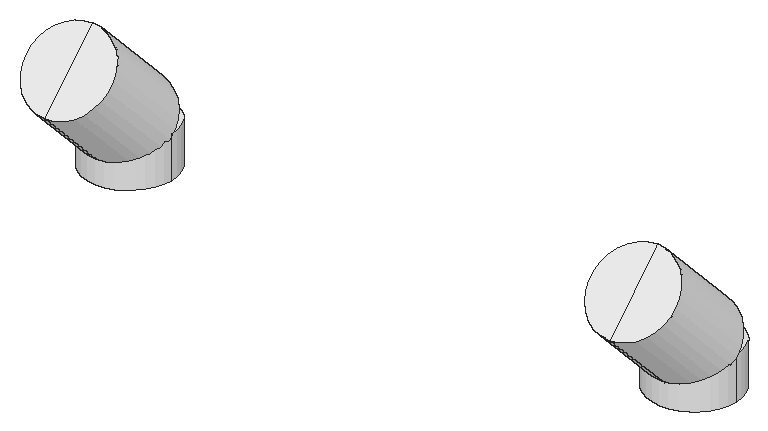
Revit family "Deca_Misturador de mesa para cozinha_Izy_1256.37", category Plumbing Fixtures, host Face, Revit 2019 (continued)
Lines and regions (mm)
  symbolic lines, style "PlumbingFixtures"
    curve 290: spline (96.112, 0, 111.139) -> (93.239, 0, 109.438) -> (91.68, 0, 107.028) -> (91.738, 0, 104.379) -> (93.4, 0, 102.005) -> (96.345, 0, 100.366) -> (100, 0, 99.782) -> (103.655, 0, 100.366) -> (106.6, 0, 102.005) -> (108.262, 0, 104.379) -> (108.32, 0, 107.028) -> (106.761, 0, 109.438) -> (103.888, 0, 111.139)
    curve 291: spline (91.499, 0, 105.212) -> (91.789, 0, 103.656) -> (92.638, 0, 102.206) -> (93.989, 0, 100.961) -> (95.749, 0, 100.006) -> (97.8, 0, 99.405) -> (100, 0, 99.201) -> (102.2, 0, 99.405) -> (104.251, 0, 100.006) -> (106.011, 0, 100.961) -> (107.362, 0, 102.206) -> (108.211, 0, 103.656) -> (108.501, 0, 105.212)
    curve 292: spline (110.498, 0, 105.212) -> (110.14, 0, 107.133) -> (109.092, 0, 108.923) -> (107.423, 0, 110.461) -> (105.249, 0, 111.641) -> (102.717, 0, 112.382) -> (100, 0, 112.635) -> (97.283, 0, 112.382) -> (94.751, 0, 111.641) -> (92.577, 0, 110.461) -> (90.908, 0, 108.923) -> (89.86, 0, 107.133) -> (89.502, 0, 105.212) -> (89.86, 0, 103.29) -> (90.908, 0, 101.5) -> (92.577, 0, 99.963) -> (94.751, 0, 98.783) -> (97.283, 0, 98.041) -> (100, 0, 97.788) -> (102.717, 0, 98.041) -> (105.249, 0, 98.783) -> (107.423, 0, 99.963) -> (109.092, 0, 101.5) -> (110.14, 0, 103.29) -> (110.498, 0, 105.212)
    curve 293: spline (105.497, 0, 78.871) -> (107.021, 0, 79.483) -> (108.411, 0, 80.237) -> (109.641, 0, 81.12) -> (110.688, 0, 82.114) -> (111.531, 0, 83.2) -> (112.155, 0, 84.358) -> (112.547, 0, 85.566) -> (112.701, 0, 86.8) -> (112.613, 0, 88.038) -> (112.284, 0, 89.255) -> (111.722, 0, 90.429) -> (110.937, 0, 91.537)
    curve 294: spline (89.063, 0, 91.537) -> (88.278, 0, 90.429) -> (87.716, 0, 89.255) -> (87.387, 0, 88.038) -> (87.299, 0, 86.8) -> (87.453, 0, 85.566) -> (87.845, 0, 84.358) -> (88.469, 0, 83.2) -> (89.312, 0, 82.114) -> (90.359, 0, 81.12) -> (91.589, 0, 80.237) -> (92.979, 0, 79.483) -> (94.503, 0, 78.871)
    curve 295: spline (87.297, 0, 82.019) -> (87.367, 0, 81.078) -> (87.576, 0, 80.147) -> (87.921, 0, 79.237) -> (88.4, 0, 78.358) -> (89.006, 0, 77.518) -> (89.733, 0, 76.729) -> (90.574, 0, 75.997) -> (91.517, 0, 75.332) -> (92.555, 0, 74.741) -> (93.674, 0, 74.229) -> (94.863, 0, 73.804) -> (96.108, 0, 73.468)
    curve 296: spline (103.892, 0, 73.468) -> (105.137, 0, 73.804) -> (106.326, 0, 74.229) -> (107.445, 0, 74.741) -> (108.483, 0, 75.332) -> (109.426, 0, 75.997) -> (110.267, 0, 76.729) -> (110.994, 0, 77.518) -> (111.6, 0, 78.358) -> (112.079, 0, 79.237) -> (112.424, 0, 80.147) -> (112.633, 0, 81.078) -> (112.703, 0, 82.019)
    curve 297: arc (127, 0, 9.5) -> (126.854, 0, 9.854) -> (126.5, 0, 10) r 0.5
    curve 298: arc (73.5, 0, 10) -> (73.146, 0, 9.854) -> (73, 0, 9.5) r 0.5
    curve 299: line (88.505, 0, 94.059) -> (94.503, 0, 86.58)
    curve 300: line (105.497, 0, 86.58) -> (111.495, 0, 94.059)
    curve 301: line (111.498, 0, 104.505) -> (88.502, 0, 104.505)
    curve 302: spline (8.75, 0, 252.25) -> (8.452, 0, 252.26) -> (7.578, 0, 252.268) -> (6.187, 0, 252.276) -> (4.375, 0, 252.282) -> (2.265, 0, 252.286) -> (0, 0, 252.287) -> (-2.265, 0, 252.286) -> (-4.375, 0, 252.282) -> (-6.187, 0, 252.276) -> (-7.578, 0, 252.268) -> (-8.452, 0, 252.26) -> (-8.75, 0, 252.25)
    curve 303: arc (8.75, 0, 286.504) -> (0, 0, 295.254) -> (-8.75, 0, 286.504) r 8.75
    curve 304: arc (4.6, 0, 226.25) -> (5.419, 0, 226.831) -> (6, 0, 227.65) r 3
    curve 305: arc (-6, 0, 227.65) -> (-5.419, 0, 226.831) -> (-4.6, 0, 226.25) r 3
    curve 306: arc (8.75, 0, 251.627) -> (9.207, 0, 250.036) -> (10.437, 0, 248.929) r 3
    curve 307: arc (-10.438, 0, 248.929) -> (-9.207, 0, 250.036) -> (-8.75, 0, 251.627) r 3
    curve 308: arc (-11.6, 0, 201) -> (-11.307, 0, 200.293) -> (-10.6, 0, 200) r 1
    curve 309: arc (10.6, 0, 200) -> (11.307, 0, 200.293) -> (11.6, 0, 201) r 1
    curve 310: arc (-11.6, 0, 228.65) -> (-11.307, 0, 227.943) -> (-10.6, 0, 227.65) r 1
    curve 311: arc (10.6, 0, 227.65) -> (11.307, 0, 227.943) -> (11.6, 0, 228.65) r 1
    curve 312: arc (11, 0, 248.03) -> (10.848, 0, 248.56) -> (10.437, 0, 248.929) r 1
    curve 313: arc (-10.438, 0, 248.929) -> (-10.848, 0, 248.56) -> (-11, 0, 248.03) r 1
    curve 314: line (-16.702, 0, 99.038) -> (16.702, 0, 99.038)
    curve 315: line (-17.002, 0, 98.738) -> (17.002, 0, 98.738)
    curve 316: line (17.002, 0, 98.738) -> (17.002, 0, 85.038)
    curve 317: line (17.002, 0, 85.038) -> (-17.002, 0, 85.038)
    curve 318: line (-17.002, 0, 85.038) -> (-17.002, 0, 98.738)
    curve 319: line (-16.999, 0, 83.653) -> (-16.999, 0, 76.653)
    curve 320: line (-16.999, 0, 76.653) -> (16.999, 0, 76.653)
    curve 321: line (16.999, 0, 76.653) -> (16.999, 0, 83.653)
    curve 322: line (16.999, 0, 83.653) -> (-16.999, 0, 83.653)
    curve 323: line (-67.615, 0, 42.131) -> (-40.5, 0, 42.131)
    curve 324: line (-40.5, 0, 42.131) -> (-40.5, 0, 68.17)
    curve 325: line (-40.5, 0, 68.17) -> (-67.615, 0, 68.17)
    curve 326: line (-67.615, 0, 68.17) -> (-67.615, 0, 42.131)
    curve 327: line (-67.615, 0, 42.131) -> (-70.917, 0, 41.929)
    curve 328: line (67.615, 0, 68.17) -> (40.5, 0, 68.17)
    curve 329: line (40.5, 0, 68.17) -> (40.5, 0, 42.131)
    curve 330: line (40.5, 0, 42.131) -> (67.615, 0, 42.131)
    curve 331: line (67.615, 0, 42.131) -> (67.615, 0, 68.17)
    curve 332: line (67.615, 0, 68.17) -> (78.808, 0, 68.855)
    curve 333: line (-85.001, 0, 75.087) -> (-85.001, 0, 82.019)
    curve 334: line (-114.999, 0, 10) -> (-114.999, 0, 82.019)
    curve 335: line (-85.001, 0, 10) -> (-85.001, 0, 26.957)
    curve 336: line (-67.615, 0, 68.17) -> (-78.808, 0, 68.855)
    curve 337: line (67.615, 0, 42.131) -> (70.917, 0, 41.929)
    curve 338: line (-126.5, 0, 10) -> (-73.5, 0, 10)
    curve 339: line (-73, 0, 9.5) -> (-73, 0, 0)
    curve 340: line (-73, 0, 0) -> (-127, 0, 0)
    curve 341: line (-127, 0, 0) -> (-127, 0, 9.5)
    curve 342: line (-105.497, 0, 92.207) -> (-105.497, 0, 76.213)
    curve 343: line (-94.503, 0, 76.213) -> (-94.503, 0, 92.205)
    curve 344: line (-105.497, 0, 111.911) -> (-105.497, 0, 122.894)
    curve 345: line (-94.503, 0, 111.911) -> (-94.503, 0, 122.894)
    curve 346: line (-88.777, 0, 94.059) -> (-67, 0, 94.059)
    curve 347: line (-67, 0, 94.059) -> (-67, 0, 105.054)
    curve 348: line (-67, 0, 105.054) -> (-88.526, 0, 105.054)
    curve 349: line (-111.474, 0, 105.054) -> (-133, 0, 105.054)
    curve 350: line (-133, 0, 105.054) -> (-133, 0, 94.059)
    curve 351: line (-133, 0, 94.059) -> (-111.223, 0, 94.059)
    curve 352: line (-112.703, 0, 82.019) -> (-112.703, 0, 86.968)
    curve 353: line (-87.297, 0, 82.019) -> (-87.297, 0, 86.968)
    curve 354: line (126.5, 0, 10) -> (73.5, 0, 10)
    curve 355: line (73, 0, 9.5) -> (73, 0, 0)
    curve 356: line (73, 0, 0) -> (127, 0, 0)
    curve 357: line (127, 0, 0) -> (127, 0, 9.5)
    curve 358: line (105.497, 0, 92.207) -> (105.497, 0, 76.213)
    curve 359: line (88.777, 0, 94.059) -> (67, 0, 94.059)
    curve 360: line (67, 0, 94.059) -> (67, 0, 105.054)
    curve 361: line (67, 0, 105.054) -> (88.526, 0, 105.054)
    curve 362: line (111.474, 0, 105.054) -> (133, 0, 105.054)
    curve 363: line (133, 0, 105.054) -> (133, 0, 94.059)
    curve 364: line (133, 0, 94.059) -> (111.223, 0, 94.059)
    curve 365: line (114.999, 0, 82.019) -> (114.999, 0, 10)
    curve 366: line (85.001, 0, 26.957) -> (85.001, 0, 10)
    curve 367: line (85.001, 0, 82.019) -> (85.001, 0, 75.087)
    curve 368: line (94.503, 0, 92.205) -> (94.503, 0, 76.213)
    curve 369: line (105.497, 0, 122.894) -> (105.497, 0, 111.911)
    curve 370: line (94.503, 0, 122.894) -> (94.503, 0, 111.911)
    curve 371: line (112.703, 0, 86.968) -> (112.703, 0, 82.019)
    curve 372: line (87.297, 0, 86.968) -> (87.297, 0, 82.019)
    curve 373: line (-13.073, 0, 83.653) -> (-13.073, 0, 85.038)
    curve 374: line (13.073, 0, 83.653) -> (13.073, 0, 85.038)
    curve 375: line (-40.5, 0, 68.17) -> (-23.625, 0, 68.996)
    curve 376: line (-40.5, 0, 42.131) -> (-0.733, 0, 40.186)
    curve 377: line (40.5, 0, 42.131) -> (0.733, 0, 40.186)
    curve 378: line (40.5, 0, 68.17) -> (23.625, 0, 68.996)
    curve 379: line (8.75, 0, 131.299) -> (-8.75, 0, 131.299)
    curve 380: line (-8.75, 0, 221.258) -> (-8.75, 0, 227.65)
    curve 381: line (8.75, 0, 221.258) -> (8.75, 0, 227.65)
    curve 382: line (-8.75, 0, 99.038) -> (-8.75, 0, 200)
    curve 383: line (8.75, 0, 99.038) -> (8.75, 0, 200)
    curve 384: line (-4.6, 0, 224.5) -> (-4.6, 0, 226.25)
    curve 385: line (-4.6, 0, 226.25) -> (4.6, 0, 226.25)
    curve 386: line (4.6, 0, 226.25) -> (4.6, 0, 224.5)
    curve 387: line (10.437, 0, 248.929) -> (-10.438, 0, 248.929)
    curve 388: line (-8.75, 0, 286.504) -> (-8.75, 0, 251.627)
    curve 389: line (-8.75, 0, 251.627) -> (8.75, 0, 251.627)
    curve 390: line (8.75, 0, 251.627) -> (8.75, 0, 286.504)
    curve 391: line (10.6, 0, 200) -> (-10.6, 0, 200)
    curve 392: line (10.6, 0, 227.65) -> (-10.6, 0, 227.65)
    curve 393: line (11, 0, 248.03) -> (-11, 0, 248.03)
    curve 394: line (-8.75, 0, 252.25) -> (8.75, 0, 252.25)
    curve 395: line (11.6, 0, 201) -> (-11.6, 0, 201)
    curve 396: line (-11.6, 0, 201) -> (-11.6, 0, 219.5)
    curve 397: line (-11.6, 0, 219.5) -> (11.6, 0, 219.5)
    curve 398: line (11.6, 0, 219.5) -> (11.6, 0, 201)
    curve 399: line (11.6, 0, 228.65) -> (-11.6, 0, 228.65)
    curve 400: line (-11.6, 0, 228.65) -> (-11.6, 0, 247.85)
    curve 401: line (-11.6, 0, 247.85) -> (11.6, 0, 247.85)
    curve 402: line (11.6, 0, 247.85) -> (11.6, 0, 228.65)
    curve 403: line (11, 0, 219.5) -> (4.6, 0, 224.5)
    curve 404: line (4.6, 0, 224.5) -> (-4.6, 0, 224.5)
    curve 405: line (-4.6, 0, 224.5) -> (-11, 0, 219.5)
Dimensions and locks
  aligned and locked: host face to plane 2
  aligned and locked: level to host face
Connectors
  piping at (-100, 0, 0), diameter 15, driven by "Raio Água Quente"
    settings: on free form element, index 1, connector inside diameter 24", connector length 0 mm, flow factor 0, pipe flow 0 GPM, pressure drop 0.00 psi, fitting loss kfactor 0, connector angle 0.00°, fixture units 0, engagement length 0 mm, angle of deflection 0.00°, flow configuration 3, flow direction 1, fitting loss method 4, system type 19, joint type 0, gender type 0, connector reference index -1, connector utility 0, adjustable connector no, is connector primary yes, connector description ""
  piping at (100, 0, 0), diameter 15, driven by "Raio Água Fria"
    settings: on free form element, index 2, connector inside diameter 24", connector length 0 mm, flow factor 0, pipe flow 0 GPM, pressure drop 0.00 psi, fitting loss kfactor 0, connector angle 0.00°, fixture units 0, engagement length 0 mm, angle of deflection 0.00°, flow configuration 3, flow direction 1, fitting loss method 4, system type 20, joint type 0, gender type 0, connector reference index -1, connector utility 0, adjustable connector no, is connector primary no, connector description ""
